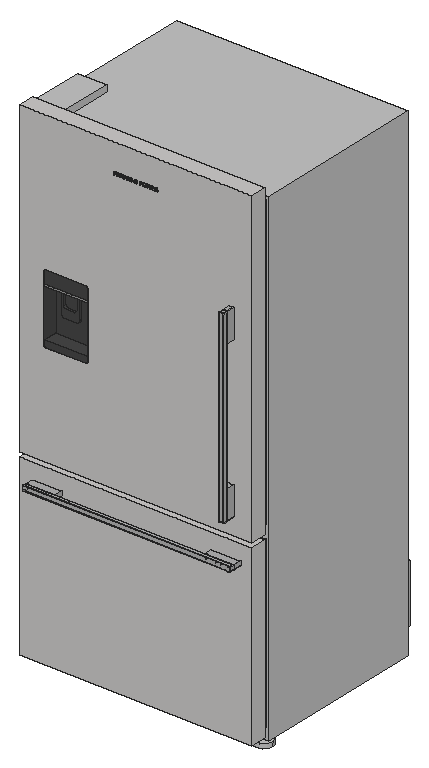
Revit family "FP-Revit18-RF522WDLUX5-Fridges", category Specialty Equipment, Revit 2018 (continued)
Definition of nested family "F&P Handle Kit - Contemporary Round - Vertical"
  Dimensions and locks
    aligned and locked: Extrusion 1 to plane 7 "Bottom Standoff"
    aligned and locked: plane 6 "Top Standoff" to Extrusion 1
    aligned and locked: Extrusion 2 to Extrusion 1
    aligned and locked: Extrusion 6 to Extrusion 1
    aligned and locked: plane 4 "Top" to Extrusion 6
    aligned and locked: Extrusion 7 to Extrusion 1
    aligned and locked: Extrusion 7 to plane 5 "Bottom"
  Automatic sketch dimensions
    Extrusion 1 sketch curve to plane 3 "Center (Left/Right)" = 0 mm
    plane 1 "Center (Front/Back)" to Extrusion 1 sketch curve = 32.3 mm
    plane 1 "Center (Front/Back)" to Extrusion 2 sketch curve = 0 mm
    Extrusion 2 sketch curve to plane 3 "Center (Left/Right)" = 0 mm
    Extrusion 2 sketch curve to plane 3 "Center (Left/Right)" = 8.7 mm
    plane 1 "Center (Front/Back)" to Extrusion 2 sketch curve = 32.3 mm
    plane 1 "Center (Front/Back)" to Extrusion 3 sketch curve = 0 mm
    Extrusion 3 sketch curve to plane 3 "Center (Left/Right)" = 0 mm
    Extrusion 3 sketch curve to plane 3 "Center (Left/Right)" = 8.7 mm
    plane 1 "Center (Front/Back)" to Extrusion 3 sketch curve = 32.3 mm
    Sweep 4 sketch curve to profile plane = 0 mm  (x2)
    Sweep 4 sketch curve to profile plane = 1 mm  (x2)
    Sweep 5 sketch curve to profile plane = 0 mm  (x2)
    Sweep 5 sketch curve to profile plane = 1 mm  (x2)
    Extrusion 6 sketch curve to plane 3 "Center (Left/Right)" = 0 mm
    Extrusion 6 sketch curve to plane 3 "Center (Left/Right)" = 8.7 mm
    plane 1 "Center (Front/Back)" to Extrusion 6 sketch curve = 32.3 mm
    Extrusion 6 sketch curve to Extrusion 6 sketch curve = 32.3 mm
    Extrusion 7 sketch curve to plane 3 "Center (Left/Right)" = 0 mm
    Extrusion 7 sketch curve to plane 3 "Center (Left/Right)" = 8.7 mm
    plane 1 "Center (Front/Back)" to Extrusion 7 sketch curve = 32.3 mm
    Extrusion 7 sketch curve to Extrusion 7 sketch curve = 32.3 mm
    radius of Extrusion 1 sketch curve = 8.7 mm
Definition of nested family "F&P Handle Kit - Contemporary Round - Horizontal"
  Parameters (values of type "25379 AHS-RF-522W - Contemporary round handle (2 of 2) (Horizontal) 710mm")
    URL = "www.fisherpaykel.com"
    Model = ""
    Material - Handle = none
    Manufacturer = "Fisher & Paykel Appliances"
    Keynote = "US Market"
    Handle Standoff - Length = 100 mm
    Handle - Length = 710 mm
    Description = ""
  Types (13, lengths in mm): name | Keynote | Handle Standoff - Length | Handle - Length
    (no name) | "US Market" | 100 | 710
    AHSRD2484W - Contemporary round handle (2 of 2) (Horizontal) 494mm | "" | 120 | 494
    AHSRD3084W - Contemporary round handle (2 of 2) (Horizontal) 646mm | "" | 120 | 646
    AHSRS3272A - Contemporary round handle (2 of 2) (Horizontal) 646mm | "" | 120 | 646
    AHSRS80A - Contemporary round handle (2 of 2) (Horizontal) 646mm | "" | 120 | 646
    AHSRD6121W - Contemporary round handle (2 of 2) (Horizontal) 494mm | "" | 120 | 494
    AHSRD7621W - Contemporary round handle (2 of 2) (Horizontal) 646mm | "" | 120 | 646
    25374 AHS-ASBI-A - Contemporary round handle (2 of 2) (Horizontal) 746mm | "" | 120 | 746
    25329 AHS-ASBI-A - Contemporary round handle (2 of 2) (Horizontal) 746mm | "" | 120 | 746
    25380 AHS-ASBI-B - Contemporary round handle (2 of 2) (Horizontal) 746mm | "" | 120 | 746
    25339 AHS-ASBI-B - Contemporary round handle (2 of 2) (Horizontal) 746mm | "" | 120 | 746
    25376 AHS-RF-522A - Contemporary round handle (2 of 2) (Horizontal) 710mm | "US Market" | 100 | 710
    25379 AHS-RF-522W - Contemporary round handle (2 of 2) (Horizontal) 710mm | "US Market" | 100 | 710
  Reference planes
    plane 1 "Center (Front/Back)": y = 0
    plane 2: z = 0
    plane 3 "Center (Left/Right)": x = 0
    plane 4 "Product LHS": x = -355
    plane 5 "Product RHS": x = 355
    plane 6 "LHS Standoff": x = -255
    plane 7 "RHS Standoff": x = 255
  Forms (mm)
    Extrusion 1, solid, material <- "Material - Handle"
      sketch origin (0, 0, 0) x (0, 1, 0) y (0, 0, 1)
        loop
          circle (-32.3, 0) r 8.7
      from -255 to 255
    Extrusion 2, solid, material <- "Material - Handle", detail levels fine
      sketch origin (0, 0, 0) x (0, 1, 0) y (0, 0, 1)
        loop
          line (0, 8.7) -> (-32.3, 8.7)
          arc (-32.3, 8.7) -> (-41, 0) -> (-32.3, -8.7) r 8.7
          line (-32.3, -8.7) -> (0, -8.7) -> (0, 8.7)
      from 255 to 355
    Extrusion 3, solid, material <- "Material - Handle", detail levels fine
      sketch origin (0, 0, 0) x (0, 1, 0) y (0, 0, -1)
        loop
          line (0, -8.7) -> (0, 8.7) -> (-32.3, 8.7)
          arc (-32.3, 8.7) -> (-41, 0) -> (-32.3, -8.7) r 8.7
          line (-32.3, -8.7) -> (0, -8.7)
      from 255 to 355
    Sweep 4, void
      path in 3D
        loop
          line (355, 0, 8.7) -> (355, -32.3, 8.7)
          arc (355, -32.3, 8.7) -> (355, -41, 0) -> (355, -32.3, -8.7) r 8.7
          line (355, -32.3, -8.7) -> (355, 0, -8.7)
      profile origin (355, -16.15, 8.7) x (1, 0, 0) y (0, 0, 1)
        loop
          line (0, 0) -> (-1, 0) -> (0, -1) -> (0, 0)
    Sweep 5, void
      path in 3D
        loop
          line (-355, 0, -8.7) -> (-355, -32.3, -8.7)
          arc (-355, -32.3, -8.7) -> (-355, -41, 0) -> (-355, -32.3, 8.7) r 8.7
          line (-355, -32.3, 8.7) -> (-355, 0, 8.7)
      profile origin (-355, -16.15, 8.7) x (-1, 0, 0) y (0, 0, 1)
        loop
          line (0, 0) -> (-1, 0) -> (0, -1) -> (0, 0)
    Extrusion 6, solid, material <- "Material - Handle", detail levels coarse+medium
      sketch origin (0, 0, 0) x (0, 1, 0) y (0, 0, 1)
        loop
          line (0, 8.7) -> (-32.3, 8.7)
          arc (-32.3, 8.7) -> (-41, 0) -> (-32.3, -8.7) r 8.7
          line (-32.3, -8.7) -> (0, -8.7) -> (0, 8.7)
      from 255 to 355
    Extrusion 7, solid, material <- "Material - Handle", detail levels coarse+medium
      sketch origin (0, 0, 0) x (0, 1, 0) y (0, 0, -1)
        loop
          line (0, -8.7) -> (0, 8.7) -> (-32.3, 8.7)
          arc (-32.3, 8.7) -> (-41, 0) -> (-32.3, -8.7) r 8.7
          line (-32.3, -8.7) -> (0, -8.7)
      from 255 to 355
  Cuts and joins
    Sweep 4 cuts Extrusion 2
    Sweep 5 cuts Extrusion 3
  Lines and regions (mm)
    sketch lines
      curve 1: line (355, 0, 8.7) -> (355, -32.3, 8.7)
      curve 2: arc (355, -32.3, -8.7) -> (355, -41, 0) -> (355, -32.3, 8.7) r 8.7
      curve 3: line (355, -32.3, -8.7) -> (355, 0, -8.7)
      curve 4: line (-355, -32.3, 8.7) -> (-355, 0, 8.7)
      curve 5: arc (-355, -32.3, 8.7) -> (-355, -41, 0) -> (-355, -32.3, -8.7) r 8.7
      curve 6: line (-355, 0, -8.7) -> (-355, -32.3, -8.7)
  Dimensions and locks
    equal spacing: plane 4 "Product LHS", plane 3 "Center (Left/Right)", plane 5 "Product RHS"
    "Handle - Length": plane 4 "Product LHS" to plane 5 "Product RHS"
    "Handle Standoff - Length": plane 4 "Product LHS" to plane 6 "LHS Standoff"
    "Handle Standoff - Length": plane 7 "RHS Standoff" to plane 5 "Product RHS"
    equal spacing: Extrusion 2 sketch curve, level, Extrusion 2 sketch curve
    Extrusion 3 sketch curve to Extrusion 3 sketch curve = 17.4 mm
    Extrusion 6 sketch curve to Extrusion 6 sketch curve = 17.4 mm
    Extrusion 7 sketch curve to Extrusion 7 sketch curve = 17.4 mm
    aligned and locked: level to plane 2
    aligned and locked: plane 7 "RHS Standoff" to Extrusion 1
    aligned and locked: Extrusion 2 to Extrusion 1
    aligned and locked: Extrusion 2 to plane 5 "Product RHS"
    aligned and locked: plane 4 "Product LHS" to Extrusion 3
    aligned and locked: plane 6 "LHS Standoff" to Extrusion 3
    aligned and locked: Extrusion 1 to plane 6 "LHS Standoff"
    aligned and locked: Extrusion 6 to Extrusion 1
    aligned and locked: Extrusion 6 to plane 5 "Product RHS"
    aligned and locked: plane 4 "Product LHS" to Extrusion 7
    aligned and locked: Extrusion 7 to Extrusion 1
  Automatic sketch dimensions
    Extrusion 1 sketch curve to level = 0 mm
    plane 1 "Center (Front/Back)" to Extrusion 1 sketch curve = 32.3 mm
    Extrusion 2 sketch curve to plane 1 "Center (Front/Back)" = 0 mm
    Extrusion 2 sketch curve to level = 8.7 mm
    plane 1 "Center (Front/Back)" to Extrusion 2 sketch curve = 32.3 mm
    Extrusion 3 sketch curve to level = 0 mm
    Extrusion 3 sketch curve to plane 1 "Center (Front/Back)" = 0 mm
    Extrusion 3 sketch curve to level = 8.7 mm
    plane 1 "Center (Front/Back)" to Extrusion 3 sketch curve = 32.3 mm
    Sweep 4 sketch curve to profile plane = 0 mm
    profile plane to Sweep 4 sketch curve = 0 mm
    profile plane to Sweep 4 sketch curve = 1 mm
    Sweep 4 sketch curve to profile plane = 1 mm
    Sweep 5 sketch curve to profile plane = 0 mm  (x2)
    profile plane to Sweep 5 sketch curve = 1 mm
    Sweep 5 sketch curve to profile plane = 1 mm
    Extrusion 6 sketch curve to level = 0 mm
    level to Extrusion 6 sketch curve = 8.7 mm
    plane 1 "Center (Front/Back)" to Extrusion 6 sketch curve = 32.3 mm
    Extrusion 6 sketch curve to Extrusion 6 sketch curve = 32.3 mm
    Extrusion 7 sketch curve to level = 0 mm
    level to Extrusion 7 sketch curve = 8.7 mm
    plane 1 "Center (Front/Back)" to Extrusion 7 sketch curve = 32.3 mm
    Extrusion 7 sketch curve to Extrusion 7 sketch curve = 32.3 mm
    radius of Extrusion 1 sketch curve = 8.7 mm
